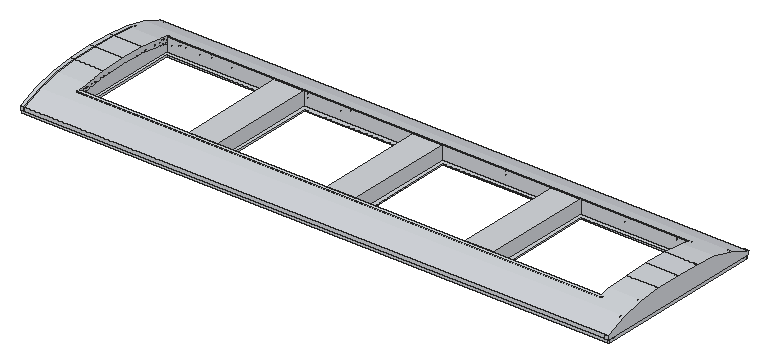
Revit family "Gira_0214395", category Electrical Fixtures, host Face, Revit 2017
Family settings
  Host = Face
  Maintain Annotation Orientation = No
  Round Connector Dimension = Use Diameter
  Part Type = Normal
  Cut with Voids When Loaded = No
  Shared = No
  Room Calculation Point = No
Parameters (values of type "Abdeckrahmen 4f Zwischenr. RW Gira Event Opak Mint")
  Werkstoffgüte = "Thermoplast"
  Werkstoff = "Kunststoff"
  URL = "http://katalog.gira.de/de_DE/datenblatt.html?artikelnr=0214395"
  Transparent = "No"
  Textfeld/Beschriftungsfläche = "No"
  Schutzart (IP) = "IP20"
  Region = "DE"
  Oberfläche = "sonstige"
  Name = "Abdeckrahmen 4f Zwischenr. RW Gira Event Opak Mint"
  Montagerichtung = "horizontal und vertikal"
  Mit Montagerahmen = "No"
  Mit Klappdeckel = "No"
  Manufacturer URL = "https://www.gira.de/"
  Keynote = "Event_Rahmen_4fach"
  HeinzeBIM = "https://bimportal.heinze.de/bim/abdeckrahmen-4f-zwischenr-rw-gira-event-opak-mint/804473d12744653b16aee6670174b6a906d71af1"
  Halogenfrei = "Yes"
  HAN = "0214395"
  Geeignet für Unterputz-Installation = "Yes"
  Geeignet für Unterflurkanaldose = "No"
  Geeignet für Geräteeinbaukanal = "No"
  Geeignet für Einbauinstallation = "No"
  GTIN = "4010337074472"
  Farbe = "sonstige"
  Default Elevation = 1219.2 mm
  Data sheet (1) = "https://katalog.gira.de/de_DE/download.html?artikelnr=0214395"
  Category = "Abdeckrahmen"
  Befestigungsart = "Klemmbefestigung"
  Available = "Yes"
  Anzahl der Einheiten vertikal = "4 "
  Anzahl der Einheiten horizontal = "4 "
  Anzahl der Einheiten = "4 "
Reference planes
  plane 1 "Center (Front/Back)": y = 0
  plane 2: z = 0
  plane 3 "Center (Left/Right)": x = 0
Forms (mm)
  Extrusion 1, solid, detail levels fine
    sketch origin (0, 0, 0.05) x (0, 1, 0) y (0, 0, 1)
      loop
        arc (12.445, 9.683) -> (6.223, 9.833) -> (0, 9.85) r 291.636
        arc (0, 9.85) -> (-6.223, 9.833) -> (-12.445, 9.683) r 291.636
        arc (-12.445, 9.683) -> (-29.14, 7.482) -> (-45, 1.823) r 79.728
        line (-45, 1.823) -> (-45, -0.05) -> (-42.086, -0.05)
        arc (-42.086, -0.05) -> (-21.385, 5.559) -> (0, 7.206) r 114.424
        arc (0, 7.206) -> (21.385, 5.559) -> (42.086, -0.05) r 114.424
        line (42.086, -0.05) -> (45, -0.05) -> (45, 1.823)
        arc (45, 1.823) -> (29.14, 7.482) -> (12.445, 9.683) r 79.728
    from -151.95 to 151.935
  Extrusion 2, void, detail levels fine
    sketch origin (0, 0, 0) x (1, 0, 0) y (0, 1, 0)
      loop
        line (134.95, 28.035) -> (-134.95, 28.035) -> (-134.95, -28.035) -> (134.95, -28.035) -> (134.95, 28.035)
    from 0.724 to 11
  Extrusion 3, solid, detail levels coarse
    sketch origin (0, 0, 0) x (1, 0, 0) y (0, 1, 0)
      loop
        line (-151.95, 45) -> (-151.95, -45) -> (151.935, -45) -> (151.935, 45) -> (-151.95, 45)
    from -1.5 to 9.9
  Extrusion 4, solid, detail levels medium
    sketch origin (0, 0, 0.05) x (0, 1, 0) y (0, 0, 1)
      loop
        arc (12.445, 9.683) -> (6.223, 9.833) -> (0, 9.85) r 291.636
        arc (0, 9.85) -> (-6.223, 9.833) -> (-12.445, 9.683) r 291.636
        arc (-12.445, 9.683) -> (-29.14, 7.482) -> (-45, 1.823) r 79.728
        line (-45, 1.823) -> (-45, -0.05) -> (45, -0.05) -> (45, 1.823)
        arc (45, 1.823) -> (29.14, 7.482) -> (12.445, 9.683) r 79.728
    from -151.95 to 151.935
  Extrusion 5, solid, detail levels fine
    sketch origin (-106.95, 0, -1.5) x (0, 1, 0) y (0, 0, -1)
      loop
        line (45, -3.373) -> (45, -1.5) -> (-45, -1.5) -> (-45, -3.373)
        arc (-45, -3.373) -> (-29.14, -9.032) -> (-12.445, -11.233) r 79.728
        arc (-12.445, -11.233) -> (-6.223, -11.383) -> (0, -11.4) r 291.636
        arc (0, -11.4) -> (6.223, -11.383) -> (12.445, -11.233) r 291.636
        arc (12.445, -11.233) -> (29.14, -9.032) -> (45, -3.373) r 79.728
    from 43 to 45
  Extrusion 6, solid, detail levels fine
    sketch origin (0, 0, 0) x (1, 0, 0) y (0, 1, 0)
      loop
        line (-132.85, 25.7) -> (-132.85, -25.7) -> (-81.05, -25.7) -> (-81.05, 25.7) -> (-132.85, 25.7)
      loop
        line (-9.755, -25.7) -> (-9.755, 25.7) -> (-61.555, 25.7) -> (-61.555, -25.7) -> (-9.755, -25.7)
      loop
        line (-135.845, 28.49) -> (-135.845, -28.495)
        spline (-135.845, -28.495) -> (-135.836, -28.625) -> (-135.811, -28.754) -> (-135.769, -28.878) -> (-135.711, -28.995) -> (-135.638, -29.104) -> (-135.552, -29.202) -> (-135.454, -29.288) -> (-135.345, -29.361) -> (-135.228, -29.419) -> (-135.104, -29.461) -> (-134.975, -29.486) -> (-134.845, -29.495)
        line (-134.845, -29.495) -> (134.845, -29.495)
        spline (134.845, -29.495) -> (134.975, -29.486) -> (135.104, -29.461) -> (135.228, -29.419) -> (135.345, -29.361) -> (135.454, -29.288) -> (135.552, -29.202) -> (135.638, -29.104) -> (135.711, -28.995) -> (135.769, -28.878) -> (135.811, -28.754) -> (135.836, -28.625) -> (135.845, -28.495)
        line (135.845, -28.495) -> (135.845, 28.49)
        spline (135.845, 28.49) -> (135.836, 28.62) -> (135.811, 28.748) -> (135.769, 28.872) -> (135.711, 28.99) -> (135.638, 29.098) -> (135.552, 29.197) -> (135.454, 29.283) -> (135.345, 29.356) -> (135.228, 29.413) -> (135.104, 29.456) -> (134.975, 29.481) -> (134.845, 29.49)
        line (134.845, 29.49) -> (-134.845, 29.49)
        spline (-134.845, 29.49) -> (-134.975, 29.481) -> (-135.104, 29.456) -> (-135.228, 29.413) -> (-135.345, 29.356) -> (-135.454, 29.283) -> (-135.552, 29.197) -> (-135.638, 29.098) -> (-135.711, 28.99) -> (-135.769, 28.872) -> (-135.811, 28.748) -> (-135.836, 28.62) -> (-135.845, 28.49)
      loop
        line (61.545, -25.7) -> (61.545, 25.7) -> (9.745, 25.7) -> (9.745, -25.7) -> (61.545, -25.7)
      loop
        line (132.85, -25.7) -> (132.85, 25.7) -> (81.05, 25.7) -> (81.05, -25.7) -> (132.85, -25.7)
    from 0.1 to 7.3
  Extrusion 7, solid
    sketch origin (0, 0, 0) x (1, 0, 0) y (0, 1, 0)
      loop
        arc (-151.65, -44.218) -> (-151.504, -44.572) -> (-151.15, -44.718) r 0.5
        line (-151.15, -44.718) -> (151.15, -44.718)
        arc (151.15, -44.718) -> (151.504, -44.572) -> (151.65, -44.218) r 0.5
        line (151.65, -44.218) -> (151.65, 44.182)
        arc (151.65, 44.182) -> (151.504, 44.535) -> (151.15, 44.682) r 0.5
        line (151.15, 44.682) -> (-151.15, 44.682)
        arc (-151.15, 44.682) -> (-151.504, 44.535) -> (-151.65, 44.182) r 0.5
        line (-151.65, 44.182) -> (-151.65, -44.218)
      loop
        line (-149.95, 42.982) -> (-149.95, -43.018) -> (149.95, -43.018) -> (149.95, 42.982) -> (-149.95, 42.982)
    from -1.5 to 0.5
  Extrusion 8, solid, detail levels fine
    sketch origin (106.935, 0, -1.5) x (0, 1, 0) y (0, 0, 1)
      loop
        arc (45, 3.373) -> (29.14, 9.032) -> (12.445, 11.233) r 79.728
        arc (12.445, 11.233) -> (6.223, 11.383) -> (0, 11.4) r 291.636
        arc (0, 11.4) -> (-6.223, 11.383) -> (-12.445, 11.233) r 291.636
        arc (-12.445, 11.233) -> (-29.14, 9.032) -> (-45, 3.373) r 79.728
        line (-45, 3.373) -> (-45, 1.5) -> (45, 1.5) -> (45, 3.373)
    from 43 to 45
  Extrusion 9, solid, detail levels medium
    sketch origin (0, 0, 0) x (1, 0, 0) y (0, 1, 0)
      loop
        line (-151.65, -44.718) -> (151.65, -44.718) -> (151.65, 44.682) -> (-151.65, 44.682) -> (-151.65, -44.718)
    from -1.5 to 0.5
  Extrusion 10, solid, detail levels fine
    sketch origin (-69.857, 0, 0) x (1, 0, 0) y (0, 1, 0)
      loop
        line (-8.943, 28.063) -> (-8.943, -27.937) -> (6.057, -27.937) -> (6.057, 28.063) -> (-8.943, 28.063)
    from 0.724 to 7.566
  Extrusion 11, solid, detail levels fine
    sketch origin (-1.443, 0, 0) x (-1, 0, 0) y (0, -1, 0)
      loop
        line (-8.943, -28.063) -> (6.057, -28.063) -> (6.057, 27.937) -> (-8.943, 27.937) -> (-8.943, -28.063)
    from 0.724 to 7.566
  Extrusion 12, solid, detail levels fine
    sketch origin (69.857, 0, 0) x (-1, 0, 0) y (0, -1, 0)
      loop
        line (-8.943, -28.063) -> (6.057, -28.063) -> (6.057, 27.937) -> (-8.943, 27.937) -> (-8.943, -28.063)
    from 0.724 to 7.566
Cuts and joins
  Extrusion 2 cuts Extrusion 1
  Extrusion 2 cuts Extrusion 6
Dimensions and locks
  aligned and locked: plane 2 to host face
  aligned and locked: level to host face
